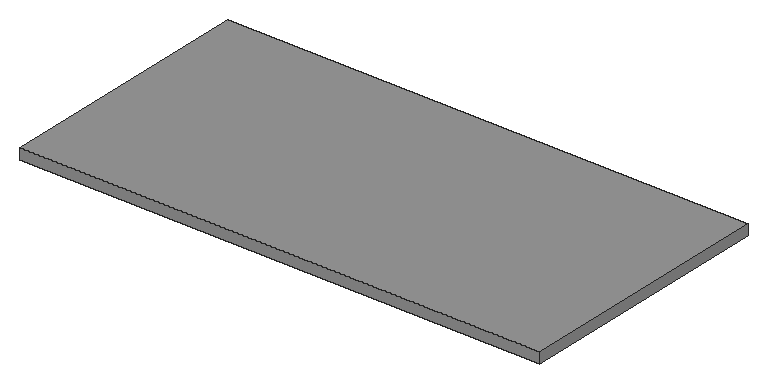
Revit family "Sound Silencer - Ceiling and Wall Panels", category Generic Models, Revit 2016
Family settings
  Part Type = Normal
  Can host rebar = No
  Round Connector Dimension = Use Diameter
  Work Plane-Based = Yes
  Always vertical = No
  Cut with Voids When Loaded = No
  Shared = No
  Room Calculation Point = No
Parameters (values of type "1 INCH - 24x48 - White")
  ‍      2. Thickness 2" = Thickness Options = 2  # no
  ‍      1. Thickness 1" = Thickness Options = 1  # yes
  URL = "https://www.acousticalsurfaces.com/sound-silencer/ceiling-wall-panel/"
  Thickness Options = 1
  T = if(Thickness Options = 1, 0' 1", 0' 0") + if(Thickness Options = 2, 0' 2", 0' 0")  # 0' - 1"
  Material = "Sound Silencer"
  Manufacturer = "Acoustical Surfaces, Inc."
  Finish = Sound Silencer - White
  Width = 2' - 0"
  Length = 4' - 0"
  Default Elevation = 4' - 0"
  A = 0' - 0"
Types (8): name | ‍      2. Thickness 2" | ‍      1. Thickness 1" | Thickness Options | T | Finish | Length
  1 INCH - 24x48 - White | no | yes | 1 | 0' - 1" | Sound Silencer - White | 4' - 0"
  1 INCH - 24x48 - Charcoal | no | yes | 1 | 0' - 1" | Sound Silencer - Charcoal | 4' - 0"
  2 INCH - 24x48 - Charcoal | yes | no | 2 | 0' - 2" | Sound Silencer - Charcoal | 4' - 0"
  2 INCH - 24x48 - White | yes | no | 2 | 0' - 2" | Sound Silencer - White | 4' - 0"
  2 INCH - 24x24 - Charcoal | yes | no | 2 | 0' - 2" | Sound Silencer - Charcoal | 2' - 0"
  2 INCH - 24x24 - White | yes | no | 2 | 0' - 2" | Sound Silencer - White | 2' - 0"
  1 INCH - 24x24 - Charcoal | no | yes | 1 | 0' - 1" | Sound Silencer - Charcoal | 2' - 0"
  1 INCH - 24x24 - White | no | yes | 1 | 0' - 1" | Sound Silencer - White | 2' - 0"
Reference planes (in)
  plane 1 "Center (Front/Back)": y = 0
  plane 2: z = 0
  plane 3 "Center (Left/Right)": x = 0
Dimensions and locks (in)
  "A": nested 1 to level
  aligned and locked: level to plane 2
Nested families (in)
  nested 1: "Square" at (0, 0, 0), type "Square"
Definition of nested family "Square"
  Parameters (values of type "Square")
    Thickness = 0' - 1"
    Material = none
    B = 2' - 0"
    A = 4' - 0"
  Reference planes (in)
    plane 1 "Center (Front/Back)": y = 0
    plane 2: z = 0
    plane 3 "Center (Left/Right)": x = 0
    plane 4: x = -24
    plane 5: x = 24
    plane 6: y = 12
    plane 7: y = -12
    plane 8: z = 1
  Forms (in)
    Extrusion 1, solid, material <- "Material"
      sketch origin (0, 0, 0) x (1, 0, 0) y (0, 1, 0)
        loop
          line (24, 12) -> (-24, 12) -> (-24, -12) -> (24, -12) -> (24, 12)
      from 0 to 1
  Dimensions and locks (in)
    equal spacing: plane 4, plane 3 "Center (Left/Right)", plane 5
    equal spacing: plane 7, plane 1 "Center (Front/Back)", plane 6
    "B": plane 7 to plane 6
    "A": plane 4 to plane 5
    "Thickness": plane 8 to level
    aligned and locked: level to plane 2
    aligned and locked: Extrusion 1 sketch curve to plane 4
    aligned and locked: plane 5 to Extrusion 1 sketch curve
    aligned and locked: Extrusion 1 sketch curve to plane 6
    aligned and locked: Extrusion 1 sketch curve to plane 7
    aligned and locked: Extrusion 1 to plane 8
